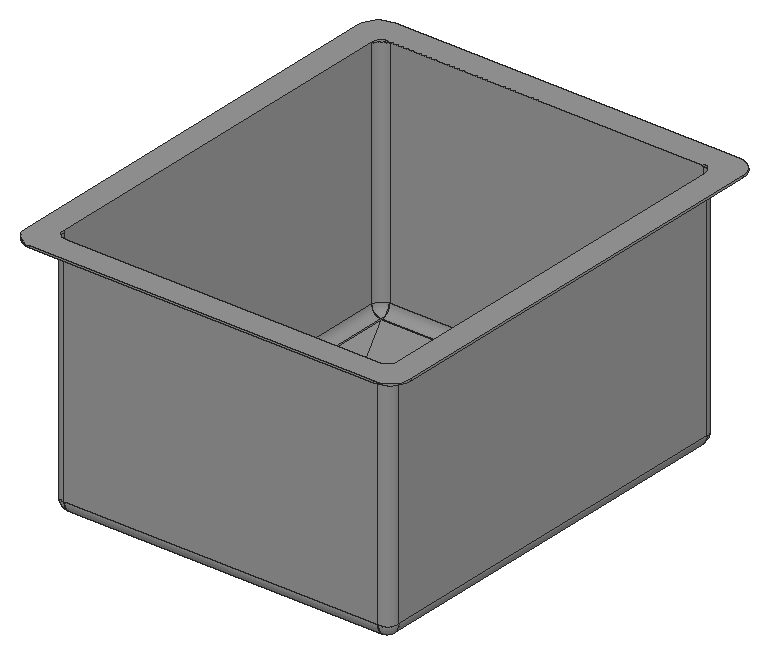
Revit family "BUILDMAT-SNGM020-Maya-380-Gunmetal", category Plumbing Fixtures, host Face, Revit 2020
Family settings
  Host = Face
  Round Connector Dimension = Use Diameter
  Part Type = Normal
  Cut with Voids When Loaded = No
  Shared = No
  Room Calculation Point = No
Parameters (values of type "Maya 380x450x250mm")
  Width = 330.0 mm
  Undermount [instance] = 0.0 mm
  URL = "https://www.buildmat.com.au/products/maya-380x450-single-bowl-sink"
  Side Sound Pad = no
  Side Brackets = yes
  Model = "SNA00020"  # constant formula
  Middle Sound Pad = yes
  Middle Bracket = no
  Manufacturer URL = "https://www.buildmat.com.au/"
  Manufacturer = "BUILDMAT"  # constant formula
  Length = 400.0 mm
  Description = "BUILDMAT - Maya 380x450 Single Bowl Sink"  # constant formula
  Depth = 250.0 mm
  Default Elevation = 1219.2 mm
  Created By URL = "https://www.buildmat.com.au/"
  Created By = "BUILDMAT"  # constant formula
  Created = "22.06.2022"  # constant formula
  Material = BUILDMAT Gunmetal
Reference planes
  plane 1 "Center (Front/Back)": y = 0
  plane 2: z = 0
  plane 3 "Center (Left/Right)": x = 0
  plane 4 "Top Substrate": z = 0
  plane 5 "Left": x = -165
  plane 6 "Right": x = 165
  plane 7 "Back": y = 200
  plane 8 "Front": y = -200
  plane 9: x = -190
  plane 10: x = 190
  plane 11: y = -225
  plane 12: y = 225
  plane 13 "Bottom Void": z = -250
  plane 14: z = 1.5
  plane 15: x = -166.5
  plane 16: y = -201.5
  plane 17: x = 166.5
  plane 18: y = 201.5
  plane 19: z = -240
  plane 20: z = -230
  plane 21: x = -155
  plane 22: x = 155
  plane 23: y = -190
  plane 24: y = 190
  plane 25: z = -245
  plane 26: z = -241.5
  plane 27: z = -246.5
  plane 28: x = -100
  plane 29: x = 100
  plane 30 "Sound Pad": z = -130
  plane 31 "Front Bracket": y = -100
  plane 32 "Back Bracket": y = 100
  plane 33: x = -65
  plane 34: x = 65
  plane 35: x = -57
  plane 36: x = 57
  plane 37: x = -45
  plane 38: x = 45
Forms (mm)
  Extrusion 1, void
    sketch origin (0, 0, 0) x (1, 0, 0) y (0, 1, 0)
      loop
        arc (-155, 200) -> (-162.071, 197.071) -> (-165, 190) r 10
        line (-165, 190) -> (-165, -190)
        arc (-165, -190) -> (-162.071, -197.071) -> (-155, -200) r 10
        line (-155, -200) -> (155, -200)
        arc (155, -200) -> (162.071, -197.071) -> (165, -190) r 10
        line (165, -190) -> (165, 190)
        arc (165, 190) -> (162.071, 197.071) -> (155, 200) r 10
        line (155, 200) -> (-155, 200)
    from 0 to 1.5
  Extrusion 2, void
    sketch origin (0, 0, 0) x (1, 0, 0) y (0, 1, 0)
      loop
        line (-166.5, 201.5) -> (-166.5, -201.5) -> (166.5, -201.5) -> (166.5, 201.5) -> (-166.5, 201.5)
    from 0 to -250
  Extrusion 3, void
    sketch origin (0, 0, 0) x (1, 0, 0) y (0, 1, 0)
      loop
        arc (-170, 225) -> (-184.142, 219.142) -> (-190, 205) r 20
        line (-190, 205) -> (-190, -205)
        arc (-190, -205) -> (-184.142, -219.142) -> (-170, -225) r 20
        line (-170, -225) -> (170, -225)
        arc (170, -225) -> (184.142, -219.142) -> (190, -205) r 20
        line (190, -205) -> (190, 205)
        arc (190, 205) -> (184.142, 219.142) -> (170, 225) r 20
        line (170, 225) -> (-170, 225)
    from 1.5 to 0
  Extrusion 4, solid, material "BUILDMAT Gunmetal" <- "Material"
    sketch origin (0, 0, 0) x (-1, 0, 0) y (0, -1, 0)
      loop
        arc (170, -225) -> (184.142, -219.142) -> (190, -205) r 20
        line (190, -205) -> (190, 205)
        arc (190, 205) -> (184.142, 219.142) -> (170, 225) r 20
        line (170, 225) -> (-170, 225)
        arc (-170, 225) -> (-184.142, 219.142) -> (-190, 205) r 20
        line (-190, 205) -> (-190, -205)
        arc (-190, -205) -> (-184.142, -219.142) -> (-170, -225) r 20
        line (-170, -225) -> (170, -225)
      loop
        arc (155, -200) -> (162.071, -197.071) -> (165, -190) r 10
        line (165, -190) -> (165, 190)
        arc (165, 190) -> (162.071, 197.071) -> (155, 200) r 10
        line (155, 200) -> (-155, 200)
        arc (-155, 200) -> (-162.071, 197.071) -> (-165, 190) r 10
        line (-165, 190) -> (-165, -190)
        arc (-165, -190) -> (-162.071, -197.071) -> (-155, -200) r 10
        line (-155, -200) -> (155, -200)
    from 0 to 1.5
  Extrusion 5, solid, material "BUILDMAT Gunmetal" <- "Material"
    sketch origin (0, 0, 0) x (-1, 0, 0) y (0, -1, 0)
      loop
        arc (155, -201.5) -> (163.132, -198.132) -> (166.5, -190) r 11.5
        line (166.5, -190) -> (166.5, 190)
        arc (166.5, 190) -> (163.132, 198.132) -> (155, 201.5) r 11.5
        line (155, 201.5) -> (-155, 201.5)
        arc (-155, 201.5) -> (-163.132, 198.132) -> (-166.5, 190) r 11.5
        line (-166.5, 190) -> (-166.5, -190)
        arc (-166.5, -190) -> (-163.132, -198.132) -> (-155, -201.5) r 11.5
        line (-155, -201.5) -> (155, -201.5)
      loop
        arc (-155, 200) -> (-162.071, 197.071) -> (-165, 190) r 10
        line (-165, 190) -> (-165, -190)
        arc (-165, -190) -> (-162.071, -197.071) -> (-155, -200) r 10
        line (-155, -200) -> (155, -200)
        arc (155, -200) -> (162.071, -197.071) -> (165, -190) r 10
        line (165, -190) -> (165, 190)
        arc (165, 190) -> (162.071, 197.071) -> (155, 200) r 10
        line (155, 200) -> (-155, 200)
    from 0 to -230
  Revolve 6, solid, material "BUILDMAT Gunmetal" <- "Material"
    sketch origin (-175.162, 190, 1219.2) x (-1, 0, 0) y (0, 0, 1)
      loop
        line (-340.162, -1449.2) -> (-341.662, -1449.2)
        arc (-341.662, -1449.2) -> (-338.293, -1457.332) -> (-330.162, -1460.7) r 11.5
        line (-330.162, -1460.7) -> (-330.162, -1459.2)
        arc (-330.162, -1459.2) -> (-337.233, -1456.271) -> (-340.162, -1449.2) r 10
      axis (-330.162, -1460.7) -> (-330.162, -1449.2)
    angle from 0 to -90
  Revolve 7, solid, material "BUILDMAT Gunmetal" <- "Material"
    sketch origin (-175.162, 190, 1219.2) x (-1, 0, 0) y (0, 0, 1)
      loop
        arc (-10.162, -1449.2) -> (-13.091, -1456.271) -> (-20.162, -1459.2) r 10
        line (-20.162, -1459.2) -> (-20.162, -1460.7)
        arc (-20.162, -1460.7) -> (-12.03, -1457.332) -> (-8.662, -1449.2) r 11.5
        line (-8.662, -1449.2) -> (-10.162, -1449.2)
      axis (-20.162, -1449.2) -> (-20.162, -1460.7)
    angle from 0 to -90
  Revolve 8, solid, material "BUILDMAT Gunmetal" <- "Material"
    sketch origin (-175.162, -190, 1219.2) x (-1, 0, 0) y (0, 0, 1)
      loop
        arc (-10.162, -1449.2) -> (-13.091, -1456.271) -> (-20.162, -1459.2) r 10
        line (-20.162, -1459.2) -> (-20.162, -1460.7)
        arc (-20.162, -1460.7) -> (-12.03, -1457.332) -> (-8.662, -1449.2) r 11.5
        line (-8.662, -1449.2) -> (-10.162, -1449.2)
      axis (-20.162, -1449.2) -> (-20.162, -1460.7)
    angle from 0 to 90
  Revolve 9, solid, material "BUILDMAT Gunmetal" <- "Material"
    sketch origin (-175.162, -190, 1219.2) x (-1, 0, 0) y (0, 0, 1)
      loop
        line (-340.162, -1449.2) -> (-341.662, -1449.2)
        arc (-341.662, -1449.2) -> (-338.293, -1457.332) -> (-330.162, -1460.7) r 11.5
        line (-330.162, -1460.7) -> (-330.162, -1459.2)
        arc (-330.162, -1459.2) -> (-337.233, -1456.271) -> (-340.162, -1449.2) r 10
      axis (-330.162, -1449.2) -> (-330.162, -1460.7)
    angle from 0 to 90
  Extrusion 10, solid, material "BUILDMAT Gunmetal" <- "Material"
    sketch origin (0, 0, 0) x (1, 0, 0) y (0, 0, 1)
      loop
        line (-165, -230) -> (-166.5, -230)
        arc (-166.5, -230) -> (-163.132, -238.132) -> (-155, -241.5) r 11.5
        line (-155, -241.5) -> (-155, -240)
        arc (-155, -240) -> (-162.071, -237.071) -> (-165, -230) r 10
    from -190 to 190
  Extrusion 11, solid, material "BUILDMAT Gunmetal" <- "Material"
    sketch origin (0, 0, 0) x (1, 0, 0) y (0, 0, 1)
      loop
        arc (165, -230) -> (162.071, -237.071) -> (155, -240) r 10
        line (155, -240) -> (155, -241.5)
        arc (155, -241.5) -> (163.132, -238.132) -> (166.5, -230) r 11.5
        line (166.5, -230) -> (165, -230)
    from -190 to 190
  Extrusion 12, solid, material "BUILDMAT Gunmetal" <- "Material"
    sketch origin (0, 0, 0) x (0, 1, 0) y (0, 0, 1)
      loop
        arc (200, -230) -> (197.071, -237.071) -> (190, -240) r 10
        line (190, -240) -> (190, -241.5)
        arc (190, -241.5) -> (198.132, -238.132) -> (201.5, -230) r 11.5
        line (201.5, -230) -> (200, -230)
    from -155 to 155
  Extrusion 13, solid, material "BUILDMAT Gunmetal" <- "Material"
    sketch origin (0, 0, 0) x (0, 1, 0) y (0, 0, 1)
      loop
        line (-200, -230) -> (-201.5, -230)
        arc (-201.5, -230) -> (-198.132, -238.132) -> (-190, -241.5) r 11.5
        line (-190, -241.5) -> (-190, -240)
        arc (-190, -240) -> (-197.071, -237.071) -> (-200, -230) r 10
    from -155 to 155
  Revolve 14, solid, material "BUILDMAT Gunmetal" <- "Material"
    sketch origin (0, 0, 0) x (1, 0, 0) y (0, 0, 1)
      loop
        line (-45, -250) -> (-45, -248.5)
        spline (-45, -248.5) -> (-46.484, -248.459) -> (-47.939, -248.339) -> (-49.337, -248.141) -> (-50.649, -247.871) -> (-51.848, -247.537) -> (-52.908, -247.151) -> (-53.805, -246.726) -> (-54.514, -246.283) -> (-55.023, -245.856) -> (-55.329, -245.483) -> (-55.468, -245.202) -> (-55.5, -245)
        line (-55.5, -245) -> (-57, -245)
        spline (-57, -245) -> (-56.897, -245.653) -> (-56.591, -246.294) -> (-56.087, -246.913) -> (-55.392, -247.5) -> (-54.52, -248.044) -> (-53.485, -248.536) -> (-52.305, -248.967) -> (-51, -249.33) -> (-49.592, -249.619) -> (-48.106, -249.83) -> (-46.566, -249.957) -> (-45, -250)
      axis (0, -245) -> (0, -250)
    angle from 0 to 360
  Blend 15, solid, material "BUILDMAT Gunmetal" <- "Material"
    base sketch origin (0, 0, 0) x (-1, 0, 0) y (0, -1, 0)
      loop
        circle (0, 0) r 57
    top sketch origin (0, 0, 0) x (-1, 0, 0) y (0, -1, 0)
      loop
        line (155, -190) -> (155, 190) -> (-155, 190) -> (-155, -190) -> (155, -190)
    from -246.5 to -241.5
  Blend 16, void
    base sketch origin (0, 0, 0) x (-1, 0, 0) y (0, -1, 0)
      loop
        circle (0, 0) r 57
    top sketch origin (0, 0, 0) x (-1, 0, 0) y (0, -1, 0)
      loop
        line (155, -190) -> (155, 190) -> (-155, 190) -> (-155, -190) -> (155, -190)
    from -245 to -240
  Extrusion 17, solid, material "BUILDMAT Gunmetal" <- "Material"
    sketch origin (0, 0, 0) x (-1, 0, 0) y (0, -1, 0)
      loop
        line (155, -190) -> (155, 190) -> (-155, 190) -> (-155, -190) -> (155, -190)
    from -241.5 to -240
  Extrusion 18, void
    sketch origin (0, 0, 0) x (-1, 0, 0) y (0, -1, 0)
      loop
        circle (0, 0) r 57
    from -250 to -230
Cuts and joins
  joined: Extrusion 4, Extrusion 5
  joined: Revolve 6, Revolve 9
  joined: Revolve 7, Revolve 8
  Blend 16, Extrusion 18 cuts Blend 15
  Blend 16, Extrusion 18 cuts Extrusion 17
  joined: Blend 15, Extrusion 17
Lines and regions (mm)
  Masking region 1
    outline origin (0, 0, 0) x (1, 0, 0) y (0, 0, 1)
      loop
        line (165, 0) -> (-165, 0) -> (-165, -230)
        arc (-165, -230) -> (-162.071, -237.071) -> (-155, -240) r 10
        line (-155, -240) -> (-57, -245) -> (57, -245) -> (155, -240)
        arc (155, -240) -> (162.071, -237.071) -> (165, -230) r 10
        line (165, -230) -> (165, 0)
  Masking region 2
    outline origin (0, 0, 0) x (1, 0, 0) y (0, 0, 1)
      loop
        line (-100, -244.306) -> (-100, -250) -> (-57, -250) -> (-57, -246.5) -> (-100, -244.306)
  Masking region 3
    outline origin (0, 0, 0) x (1, 0, 0) y (0, 0, 1)
      loop
        line (57, -246.5) -> (57, -250) -> (100, -250) -> (100, -244.306) -> (57, -246.5)
Text (mm)
  text "Refer to www.buildmat.com.au for the most current product literature. \nAllow a +/- 5mm tolerance for dimensions shown in the product literature. \nPlease note product details are subject to change due to ongoing product development." at (0.056, -1035.857, 0), in view "Ref. Level"
Dimensions and locks
  "Undermount": plane 2 to plane 4 "Top Substrate"
  equal spacing: plane 5 "Left", plane 3 "Center (Left/Right)", plane 6 "Right"
  "Width": plane 5 "Left" to plane 6 "Right"
  "Length": plane 7 "Back" to plane 8 "Front"
  equal spacing: plane 7 "Back", plane 1 "Center (Front/Back)", plane 8 "Front"
  locked: plane 12 to plane 7 "Back" at 25
  locked: plane 8 "Front" to plane 11 at 25
  locked: plane 9 to plane 5 "Left" at 25
  locked: plane 6 "Right" to plane 10 at 25
  "Depth": plane 4 "Top Substrate" to plane 13 "Bottom Void"
  locked: plane 14 to plane 4 "Top Substrate" at 1.5
  locked: plane 18 to plane 7 "Back" at 1.5
  locked: plane 8 "Front" to plane 16 at 1.5
  plane 15 to plane 5 "Left" = 1.5 mm
  plane 6 "Right" to plane 17 = 1.5 mm
  plane 20 to plane 19 to plane 13 "Bottom Void" = 10.0 mm, 10.0 mm
  locked: plane 5 "Left" to plane 21 at 10
  locked: plane 22 to plane 6 "Right" at 10
  locked: plane 7 "Back" to plane 24 at 10
  locked: plane 23 to plane 8 "Front" at 10
  locked: plane 19 to plane 26 at 1.5
  locked: plane 25 to plane 13 "Bottom Void" at 5
  locked: plane 25 to plane 27 at 1.5
  plane 29 to plane 3 "Center (Left/Right)" to plane 28 = 100.0 mm locked, 100.0 mm locked
  locked: plane 30 "Sound Pad" to plane 13 "Bottom Void" at 120
  locked: plane 7 "Back" to plane 32 "Back Bracket" at 100
  locked: plane 31 "Front Bracket" to plane 8 "Front" at 100
  locked: plane 33 to plane 5 "Left" at 100
  locked: plane 6 "Right" to plane 34 at 100
  equal spacing: plane 3 "Center (Left/Right)", nested 15, plane 33
  equal spacing: plane 34, nested 16, plane 3 "Center (Left/Right)"
  plane 37 to plane 3 "Center (Left/Right)" to plane 38 = 45.0 mm locked, 45.0 mm locked
  plane 35 to plane 3 "Center (Left/Right)" to plane 36 = 57.0 mm locked, 57.0 mm locked
  aligned and locked: plane 2 to host face
  aligned and locked: level to host face
  aligned and locked: plane 8 "Front" to Extrusion 1 sketch curve
  aligned and locked: Extrusion 1 sketch curve to plane 7 "Back"
  aligned and locked: plane 5 "Left" to Extrusion 1 sketch curve
  aligned and locked: Extrusion 1 sketch curve to plane 6 "Right"
  aligned and locked: plane 2 to Extrusion 1
  aligned and locked: Extrusion 1 to plane 14
  aligned and locked: Extrusion 2 sketch curve to plane 16
  aligned and locked: Extrusion 2 sketch curve to plane 18
  aligned and locked: plane 15 to Extrusion 2 sketch curve
  aligned and locked: plane 17 to Extrusion 2 sketch curve
  aligned and locked: Extrusion 2 to plane 13 "Bottom Void"
  aligned and locked: plane 4 "Top Substrate" to Extrusion 2
  aligned and locked: plane 11 to Extrusion 3 sketch curve
  aligned and locked: plane 9 to Extrusion 3 sketch curve
  aligned and locked: Extrusion 3 sketch curve to plane 10
  aligned and locked: Extrusion 3 sketch curve to plane 12
  aligned and locked: Extrusion 3 to plane 4 "Top Substrate"
  aligned and locked: plane 14 to Extrusion 3
  aligned and locked: plane 11 to Extrusion 4 sketch curve
  aligned and locked: Extrusion 4 sketch curve to plane 12
  aligned and locked: plane 9 to Extrusion 4 sketch curve
  aligned and locked: Extrusion 4 sketch curve to plane 10
  aligned and locked: plane 5 "Left" to Extrusion 4 sketch curve
  aligned and locked: Extrusion 4 sketch curve to plane 6 "Right"
  aligned and locked: Extrusion 4 sketch curve to plane 7 "Back"
  aligned and locked: plane 8 "Front" to Extrusion 4 sketch curve
  aligned and locked: Extrusion 5 sketch curve to plane 7 "Back"
  aligned and locked: plane 5 "Left" to Extrusion 5 sketch curve
  aligned and locked: Extrusion 5 sketch curve to plane 6 "Right"
  aligned and locked: plane 8 "Front" to Extrusion 5 sketch curve
  aligned and locked: plane 15 to Extrusion 5 sketch curve
  aligned and locked: Extrusion 5 sketch curve to plane 16
  aligned and locked: plane 17 to Extrusion 5 sketch curve
  aligned and locked: Extrusion 5 sketch curve to plane 18
  aligned and locked: Extrusion 5 to plane 20
  aligned and locked: plane 4 "Top Substrate" to Extrusion 5
  aligned and locked: Extrusion 11 to plane 23
  aligned and locked: plane 24 to Extrusion 11
  aligned and locked: plane 24 to Extrusion 10
  aligned and locked: Extrusion 10 to plane 23
  aligned and locked: Extrusion 13 to plane 21
  aligned and locked: plane 22 to Extrusion 13
  aligned and locked: plane 22 to Extrusion 12
  aligned and locked: Extrusion 12 to plane 21
  aligned and locked: plane 21 to Blend 15 sketch curve
  aligned and locked: Blend 15 sketch curve to plane 22
  aligned and locked: plane 23 to Blend 15 sketch curve
  aligned and locked: Blend 15 sketch curve to plane 24
  aligned and locked: plane 27 to Blend 15
  aligned and locked: Blend 15 to plane 26
  aligned and locked: Blend 16 sketch curve to plane 24
  aligned and locked: plane 21 to Blend 16 sketch curve
  aligned and locked: Blend 16 sketch curve to plane 22
  aligned and locked: plane 23 to Blend 16 sketch curve
  aligned and locked: Blend 16 to plane 25
  aligned and locked: plane 19 to Blend 16
  aligned and locked: Extrusion 17 sketch curve to plane 24
  aligned and locked: plane 23 to Extrusion 17 sketch curve
  aligned and locked: plane 21 to Extrusion 17 sketch curve
  aligned and locked: Extrusion 17 sketch curve to plane 22
  aligned and locked: Extrusion 17 to plane 26
  aligned and locked: plane 19 to Extrusion 17
  aligned and locked: Extrusion 18 to plane 13 "Bottom Void"
  aligned and locked: plane 20 to Extrusion 18
  aligned and locked: cut or joined group of Blend 15, Blend 16, Extrusion 17, Extrusion 18 to Masking region 2 sketch curve
  aligned and locked: Masking region 3 sketch curve to cut or joined group of Blend 15, Blend 16, Extrusion 17, Extrusion 18
  aligned and locked: plane 3 "Center (Left/Right)" to nested 1
  aligned and locked: nested 1 to plane 4 "Top Substrate"
  aligned and locked: plane 3 "Center (Left/Right)" to nested 2
  aligned and locked: nested 2 to plane 30 "Sound Pad"
  aligned and locked: nested 3 to plane 18
  aligned and locked: plane 3 "Center (Left/Right)" to nested 3
  aligned and locked: plane 16 to nested 4
  aligned and locked: nested 4 to plane 3 "Center (Left/Right)"
  aligned and locked: plane 31 "Front Bracket" to nested 6
  aligned and locked: plane 15 to nested 6
  aligned and locked: nested 8 to plane 31 "Front Bracket"
  aligned and locked: plane 17 to nested 8
  aligned and locked: nested 7 to plane 32 "Back Bracket"
  aligned and locked: plane 17 to nested 7
  aligned and locked: plane 32 "Back Bracket" to nested 5
  aligned and locked: plane 15 to nested 5
  aligned and locked: nested 9 to plane 4 "Top Substrate"
  aligned and locked: nested 9 to plane 33
  aligned and locked: nested 10 to plane 4 "Top Substrate"
  aligned and locked: nested 10 to plane 34
  aligned and locked: nested 13 to plane 33
  aligned and locked: nested 14 to plane 34
  aligned and locked: plane 16 to nested 13
  aligned and locked: plane 16 to nested 14
  aligned and locked: plane 33 to nested 11
  aligned and locked: nested 11 to plane 18
  aligned and locked: plane 34 to nested 12
  aligned and locked: nested 12 to plane 18
  aligned and locked: nested 15 to plane 30 "Sound Pad"
  aligned and locked: nested 16 to plane 30 "Sound Pad"
  aligned and locked: plane 23 to nested 17
  aligned and locked: plane 24 to nested 17
  aligned and locked: plane 22 to nested 17
  aligned and locked: plane 21 to nested 17
  aligned and locked: plane 3 "Center (Left/Right)" to nested 18
  aligned and locked: plane 1 "Center (Front/Back)" to nested 18
  aligned and locked: plane 4 "Top Substrate" to Masking region 1
Automatic sketch dimensions
  host sketch curve to host sketch curve = 2438.4 mm  (x2)
  plane 5 "Left" to Extrusion 1 sketch curve = 10.0 mm  (x2)
  Extrusion 1 sketch curve to plane 6 "Right" = 10.0 mm  (x2)
  Extrusion 4 sketch curve to plane 10 = 20.0 mm  (x2)
  Extrusion 4 sketch curve to Extrusion 4 sketch curve = 10.0 mm  (x2)
  plane 5 "Left" to Extrusion 4 sketch curve = 10.0 mm
  plane 9 to Extrusion 4 sketch curve = 20.0 mm
  plane 8 "Front" to Extrusion 4 sketch curve = 10.0 mm
  plane 11 to Extrusion 4 sketch curve = 20.0 mm
  Extrusion 3 sketch curve to plane 5 "Left" = 5.0 mm
  plane 6 "Right" to Extrusion 3 sketch curve = 5.0 mm  (x2)
  plane 7 "Back" to Extrusion 3 sketch curve = 5.0 mm
  plane 5 "Left" to Extrusion 5 sketch curve = 10.0 mm
  Extrusion 5 sketch curve to plane 6 "Right" = 10.0 mm
  plane 8 "Front" to Extrusion 5 sketch curve = 10.0 mm
  Extrusion 5 sketch curve to plane 7 "Back" = 10.0 mm
  Extrusion 5 sketch curve to Extrusion 5 sketch curve = 0.0 mm  (x4)
  Revolve 6 sketch curve to Revolve 6 sketch curve = 0.0 mm  (x3)
  plane 17 to Revolve 6 sketch curve = 0.0 mm
  Revolve 6 sketch curve to plane 6 "Right" = 0.0 mm
  Revolve 6 sketch curve to plane 22 = 0.0 mm  (x2)
  Revolve 6 sketch curve to plane 19 = 0.0 mm
  Revolve 6 sketch curve to plane 20 = 0.0 mm
  Revolve 7 sketch curve to Revolve 7 sketch curve = 0.0 mm  (x3)
  Revolve 7 sketch curve to plane 20 = 0.0 mm  (x2)
  Revolve 7 sketch curve to plane 21 = 0.0 mm  (x2)
  Revolve 7 sketch curve to plane 5 "Left" = 0.0 mm
  Revolve 7 sketch curve to plane 15 = 0.0 mm
  Revolve 8 sketch curve to Revolve 8 sketch curve = 0.0 mm  (x3)
  Revolve 8 sketch curve to plane 20 = 0.0 mm  (x2)
  Revolve 8 sketch curve to plane 21 = 0.0 mm  (x2)
  Revolve 8 sketch curve to plane 5 "Left" = 0.0 mm
  Revolve 8 sketch curve to plane 15 = 0.0 mm
  Revolve 9 sketch curve to Revolve 9 sketch curve = 0.0 mm  (x3)
  plane 17 to Revolve 9 sketch curve = 0.0 mm
  Revolve 9 sketch curve to plane 6 "Right" = 0.0 mm
  Revolve 9 sketch curve to plane 22 = 0.0 mm  (x2)
  Revolve 9 sketch curve to plane 20 = 0.0 mm
  Revolve 9 sketch curve to plane 19 = 0.0 mm
  Extrusion 10 sketch curve to plane 15 = 0.0 mm
  Extrusion 10 sketch curve to plane 5 "Left" = 0.0 mm
  Extrusion 10 sketch curve to plane 19 = 0.0 mm
  Extrusion 10 sketch curve to plane 21 = 0.0 mm
  Extrusion 11 sketch curve to plane 20 = 0.0 mm
  Extrusion 11 sketch curve to plane 22 = 0.0 mm
  Extrusion 11 sketch curve to plane 6 "Right" = 0.0 mm
  plane 17 to Extrusion 11 sketch curve = 0.0 mm
  Extrusion 12 sketch curve to plane 20 = 0.0 mm
  Extrusion 12 sketch curve to plane 24 = 0.0 mm
  Extrusion 12 sketch curve to plane 7 "Back" = 0.0 mm
  Extrusion 12 sketch curve to plane 18 = 0.0 mm
  Extrusion 13 sketch curve to plane 16 = 0.0 mm
  Extrusion 13 sketch curve to plane 8 "Front" = 0.0 mm
  Extrusion 13 sketch curve to plane 23 = 0.0 mm
  Extrusion 13 sketch curve to plane 19 = 0.0 mm
  Revolve 14 sketch curve to plane 25 = 0.0 mm
  Revolve 14 sketch curve to plane 13 "Bottom Void" = 0.0 mm  (x2)
  Revolve 14 sketch curve to plane 3 "Center (Left/Right)" = 0.0 mm
  Revolve 14 sketch curve to plane 20 = 0.0 mm
  Revolve 14 sketch curve to plane 3 "Center (Left/Right)" = 45.0 mm
  Revolve 14 sketch curve to Revolve 14 sketch curve = 10.5 mm
  Revolve 14 sketch curve to Revolve 14 sketch curve = 1.5 mm  (x2)
  Revolve 14 sketch curve to Revolve 14 sketch curve = 0.0 mm
  plane 1 "Center (Front/Back)" to Blend 15 sketch curve = 0.0 mm
  Blend 15 sketch curve to plane 3 "Center (Left/Right)" = 0.0 mm
  plane 1 "Center (Front/Back)" to Blend 16 sketch curve = 0.0 mm
  Blend 16 sketch curve to plane 3 "Center (Left/Right)" = 0.0 mm
  plane 1 "Center (Front/Back)" to Extrusion 18 sketch curve = 0.0 mm
  Extrusion 18 sketch curve to plane 3 "Center (Left/Right)" = 0.0 mm
  Masking region 1 sketch curve to level = 0.0 mm
  Masking region 1 sketch curve to plane 20 = 0.0 mm
  Masking region 1 sketch curve to plane 21 = 0.0 mm
  Masking region 1 sketch curve to plane 25 = 0.0 mm
  Masking region 1 sketch curve to plane 3 "Center (Left/Right)" = 57.0 mm
  plane 3 "Center (Left/Right)" to Masking region 1 sketch curve = 57.0 mm
  Masking region 1 sketch curve to plane 19 = 0.0 mm
  Masking region 1 sketch curve to plane 22 = 0.0 mm
  Masking region 1 sketch curve to plane 6 "Right" = 0.0 mm
  Masking region 1 sketch curve to plane 5 "Left" = 0.0 mm
  Masking region 2 sketch curve to plane 28 = 0.0 mm
  Masking region 2 sketch curve to plane 13 "Bottom Void" = 0.0 mm
  Masking region 2 sketch curve to plane 27 = 0.0 mm
  Masking region 3 sketch curve to plane 27 = 0.0 mm
  Masking region 3 sketch curve to plane 13 "Bottom Void" = 0.0 mm
  Masking region 3 sketch curve to plane 29 = 0.0 mm
  radius of Blend 15 sketch curve = 57.0 mm
  radius of Blend 16 sketch curve = 57.0 mm
  radius of Extrusion 18 sketch curve = 57.0 mm
Nested families
  nested 1: "TMB_Front" at (0, 0, 0) x (1, 0, 0) z (0, -1, 0), visible <- "Middle Bracket", type "TMB_Front"
  nested 2: "SP_Front" at (0, 0, -130) x (1, 0, 0) z (0, -1, 0), visible <- "Middle Sound Pad", type "SP_Front"
  nested 3: "TMB_Plan" at (0, 201.5, 0), visible <- "Middle Bracket", type "TMB_Plan"
  nested 4: "TMB_Plan" at (0, -201.5, 0) x (-1, 0, 0) z (0, 0, 1), visible <- "Middle Bracket", type "TMB_Plan"
  nested 5: "TMB_Plan" at (-166.5, 100, 0) x (0, 1, 0) z (0, 0, 1), type "TMB_Plan"
  nested 6: "TMB_Plan" at (-166.5, -100, 0) x (0, 1, 0) z (0, 0, 1), type "TMB_Plan"
  nested 7: "TMB_Plan" at (166.5, 100, 0) x (0, -1, 0) z (0, 0, 1), type "TMB_Plan"
  nested 8: "TMB_Plan" at (166.5, -100, 0) x (0, -1, 0) z (0, 0, 1), type "TMB_Plan"
  nested 9: "TMB_Front" at (-65, 0, 0) x (1, 0, 0) z (0, -1, 0), visible <- "Side Brackets", type "TMB_Front"
  nested 10: "TMB_Front" at (65, 0, 0) x (1, 0, 0) z (0, -1, 0), visible <- "Side Brackets", type "TMB_Front"
  nested 11: "TMB_Plan" at (-65, 201.5, 0), visible <- "Side Brackets", type "TMB_Plan"
  nested 12: "TMB_Plan" at (65, 201.5, 0), visible <- "Side Brackets", type "TMB_Plan"
  nested 13: "TMB_Plan" at (-65, -201.5, 0) x (-1, 0, 0) z (0, 0, 1), visible <- "Side Brackets", type "TMB_Plan"
  nested 14: "TMB_Plan" at (65, -201.5, 0) x (-1, 0, 0) z (0, 0, 1), visible <- "Side Brackets", type "TMB_Plan"
  nested 15: "SP_Front" at (-32.5, 0, -130) x (1, 0, 0) z (0, -1, 0), visible <- "Side Sound Pad", type "SP_Front"
  nested 16: "SP_Front" at (32.5, 0, -130) x (1, 0, 0) z (0, -1, 0), visible <- "Side Sound Pad", type "SP_Front"
  nested 17: "BOWL Plan" at (0, 0, -130), type "BOWL Plan"
    with Width 310.0 mm, Lenght 380.0 mm
  nested 18: "DRAIN" at (0, 0, 0), type "DRAIN"
Definition of nested family "TMB_Front"
  Reference planes
    plane 1 "Center (Elevation)": y = 0
    plane 2: z = 0
    plane 3 "Center (Left/Right)": x = 0
  Lines and regions (mm)
    Masking region 1, in view "Ref. Level"
      outline origin (0, 0, 0) x (1, 0, 0) y (0, 1, 0)
        loop
          line (-17.5, 0) -> (-17.5, -80) -> (17.5, -80) -> (17.5, 0) -> (-17.5, 0)
    detail lines, in view "Ref. Level"
      curve 1: line (-17.5, 0, 0) -> (-17.5, -80, 0)
      curve 2: line (-17.5, -80, 0) -> (17.5, -80, 0)
      curve 3: line (17.5, -80, 0) -> (17.5, 0, 0)
      curve 4: line (-12.5, -50, 0) -> (12.5, -50, 0)
      curve 5: line (-12.5, -75, 0) -> (-12.5, -50, 0)
      curve 6: line (12.5, -75, 0) -> (-12.5, -75, 0)
      curve 7: line (12.5, -50, 0) -> (12.5, -75, 0)
Definition of nested family "SP_Front"
  Reference planes
    plane 1 "Center (Elevation)": y = 0
    plane 2: z = 0
    plane 3 "Center (Left/Right)": x = 0
  Lines and regions (mm)
    Masking region 1, in view "Ref. Level"
      outline origin (0, 0, 0) x (1, 0, 0) y (0, 1, 0)
        loop
          arc (-50, 40) -> (-57.071, 37.071) -> (-60, 30) r 10
          line (-60, 30) -> (-60, -30)
          arc (-60, -30) -> (-57.071, -37.071) -> (-50, -40) r 10
          line (-50, -40) -> (50, -40)
          arc (50, -40) -> (57.071, -37.071) -> (60, -30) r 10
          line (60, -30) -> (60, 30)
          arc (60, 30) -> (57.071, 37.071) -> (50, 40) r 10
          line (50, 40) -> (-50, 40)
    detail lines, in view "Ref. Level"
      curve 1: line (-50, 40, 0) -> (50, 40, 0)
      curve 2: line (50, -40, 0) -> (-50, -40, 0)
      curve 3: line (60, 30, 0) -> (60, -30, 0)
      curve 4: line (-60, 30, 0) -> (-60, -30, 0)
      curve 5: arc (-50, 40, 0) -> (-57.071, 37.071, 0) -> (-60, 30, 0) r 10
      curve 6: arc (-60, -30, 0) -> (-57.071, -37.071, 0) -> (-50, -40, 0) r 10
      curve 7: arc (50, -40, 0) -> (57.071, -37.071, 0) -> (60, -30, 0) r 10
      curve 8: arc (60, 30, 0) -> (57.071, 37.071, 0) -> (50, 40, 0) r 10
  Dimensions and locks
    aligned and locked: Masking region 1 sketch curve to curve 1
    aligned and locked: Masking region 1 sketch curve to curve 4
    aligned and locked: Masking region 1 sketch curve to curve 2
    aligned and locked: Masking region 1 sketch curve to curve 3
Definition of nested family "TMB_Plan"
  Reference planes
    plane 1 "Center (Front/Back)": y = 0
    plane 2: z = 0
    plane 3 "Center (Left/Right)": x = 0
  Lines and regions (mm)
    detail lines, in view "Ref. Level"
      curve 1: line (-17.5, 0, 0) -> (17.5, 0, 0)
      curve 2: line (17.5, 0, 0) -> (17.5, 5, 0)
      curve 3: line (17.5, 5, 0) -> (12.5, 5, 0)
      curve 4: line (-17.5, 0, 0) -> (-17.5, 5, 0)
      curve 5: line (-17.5, 5, 0) -> (-12.5, 5, 0)
Definition of nested family "BOWL Plan"
  Parameters (values of type "BOWL Plan")
    Width [instance] = 600.0 mm
    Lenght [instance] = 400.0 mm
  Reference planes
    plane 1 "Center (Front/Back)": y = 0
    plane 2: z = 0
    plane 3 "Center (Left/Right)": x = 0
    plane 4 "Left": x = -300
    plane 5 "Right": x = 300
    plane 6 "Back": y = 200
    plane 7 "Front": y = -200
  Lines and regions (mm)
    Masking region 1, in view "Ref. Level"
      outline origin (0, 0, 0) x (1, 0, 0) y (0, 1, 0)
        loop
          line (-300, 200) -> (-300, -200) -> (300, -200) -> (300, 200) -> (-300, 200)
    detail lines, in view "Ref. Level"
      curve 1: line (-300, 200, 0) -> (300, -200, 0)
      curve 2: line (-300, -200, 0) -> (300, 200, 0)
  Dimensions and locks
    equal spacing: plane 6 "Back", plane 1 "Center (Front/Back)", plane 7 "Front"
    "Lenght": plane 6 "Back" to plane 7 "Front"
    equal spacing: plane 4 "Left", plane 3 "Center (Left/Right)", plane 5 "Right"
    "Width": plane 4 "Left" to plane 5 "Right"
    aligned and locked: plane 4 "Left" to Masking region 1 sketch curve
    aligned and locked: Masking region 1 sketch curve to plane 5 "Right"
    aligned and locked: plane 7 "Front" to Masking region 1 sketch curve
    aligned and locked: Masking region 1 sketch curve to plane 6 "Back"
  Automatic sketch dimensions
    curve 2 to plane 4 "Left" = 0.0 mm
    curve 1 to plane 4 "Left" = 0.0 mm
    curve 2 to plane 5 "Right" = 0.0 mm
    curve 1 to plane 5 "Right" = 0.0 mm
    curve 1 to plane 7 "Front" = 0.0 mm
    curve 2 to plane 7 "Front" = 0.0 mm
    curve 2 to plane 6 "Back" = 0.0 mm
    curve 1 to plane 6 "Back" = 0.0 mm
Definition of nested family "DRAIN"
  Reference planes
    plane 1 "Center (Front/Back)": y = 0
    plane 2: z = 0
    plane 3 "Center (Left/Right)": x = 0
  Lines and regions (mm)
    Masking region 1, in view "Ref. Level"
      outline origin (0, 0, 0) x (1, 0, 0) y (0, 1, 0)
        loop
          circle (0, 0) r 57
    detail lines, in view "Ref. Level"
      curve 1: circle (0, 0, 0) r 45 normal (0, 0, 1)
      curve 2: circle (0, 0, 0) r 55.5 normal (0, 0, 1)
